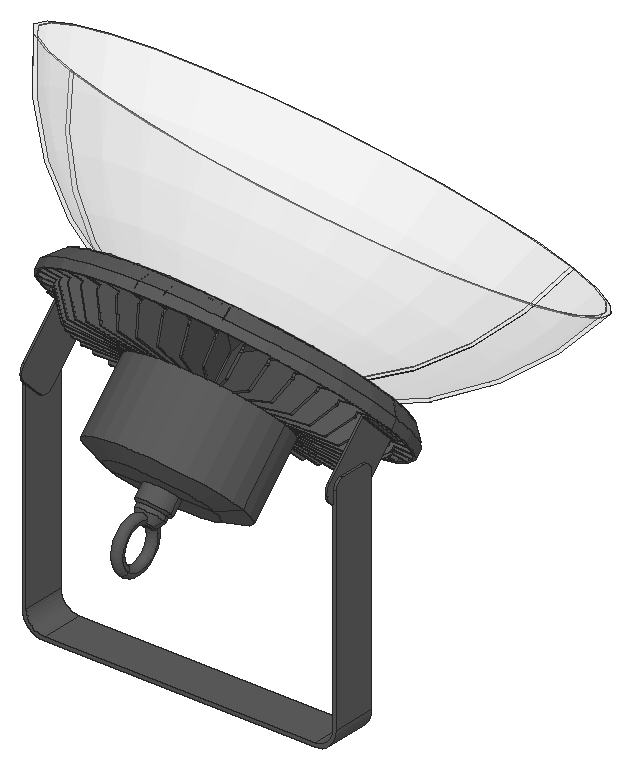
Revit family "0039362+0039353+0039358 Sylvania Lighting Fixture START HighBay IP65 DALI 13000lm 840 MB with BRACKET and PC LAMPSHADE TRANSPARENT 13 19KLM", category Lighting Fixtures, host Face, Revit 2016 (continued)
Definition of nested family "Start LED Highbay DALI Head"
  Nested families
    nested 6: "Start Highbay Rib" at (0, 0, 80.875) x (0.7071, 0.7071, 0) z (0, 0, 1), type "Type Name", detail levels medium+fine
      with SuspensionHeight_FEILO 2.6 mm, WidthStraight_FEILO 4.7 mm, WidthRingChamfer_FEILO 12.9 mm, WidthCurved_FEILO 26.2 mm, WidthCurvedRing_FEILO 4.7 mm, SizeS_FEILO no, Rib4_FEILO 14.6 mm, Rib3_FEILO 20.2 mm, Rib2_FEILO 4.5 mm, Rib1_FEILO 19 mm, RadiusDiffuser_FEILO 120 mm, RHRadius3_FEILO 8.6 mm, RHRadius2_FEILO 14 mm, RHRadius1_FEILO 17.7 mm, RHHeight4_FEILO 9.2 mm, RHHeight3_FEILO 4.6 mm, RHHeight2_FEILO 2.6 mm, RHHeight1_FEILO 17.4 mm, HeightRing_FEILO 36.8 mm, HeightRingChamfer_FEILO 26.6 mm, EyeThickness_FEILO 10.5 mm, EyeThicknessHalf_FEILO 5.25 mm, EyeInner_FEILO 17.3 mm, DriverVerticalStraight_FEILO 57 mm, DriverVerticalChamfer_FEILO 9.5 mm, DriverRadius_FEILO 76.4 mm, DriverRadiusTop_FEILO 52.4 mm, DriverBottom_FEILO 74 mm, Radius_FEILO 169.5 mm
    nested 7: "Start Highbay Rib" at (0, 0, 80.875) x (0.5878, 0.809, 0) z (0, 0, 1), type "Type Name", detail levels medium+fine
      with SuspensionHeight_FEILO 2.6 mm, WidthStraight_FEILO 4.7 mm, WidthRingChamfer_FEILO 12.9 mm, WidthCurved_FEILO 26.2 mm, WidthCurvedRing_FEILO 4.7 mm, SizeS_FEILO no, Rib4_FEILO 14.6 mm, Rib3_FEILO 20.2 mm, Rib2_FEILO 4.5 mm, Rib1_FEILO 19 mm, RadiusDiffuser_FEILO 120 mm, RHRadius3_FEILO 8.6 mm, RHRadius2_FEILO 14 mm, RHRadius1_FEILO 17.7 mm, RHHeight4_FEILO 9.2 mm, RHHeight3_FEILO 4.6 mm, RHHeight2_FEILO 2.6 mm, RHHeight1_FEILO 17.4 mm, HeightRing_FEILO 36.8 mm, HeightRingChamfer_FEILO 26.6 mm, EyeThickness_FEILO 10.5 mm, EyeThicknessHalf_FEILO 5.25 mm, EyeInner_FEILO 17.3 mm, DriverVerticalStraight_FEILO 57 mm, DriverVerticalChamfer_FEILO 9.5 mm, DriverRadius_FEILO 76.4 mm, DriverRadiusTop_FEILO 52.4 mm, DriverBottom_FEILO 74 mm, Radius_FEILO 169.5 mm
    nested 8: "Start Highbay Rib" at (0, 0, 80.875) x (0.454, 0.891, 0) z (0, 0, 1), type "Type Name", detail levels medium+fine
      with SuspensionHeight_FEILO 2.6 mm, WidthStraight_FEILO 4.7 mm, WidthRingChamfer_FEILO 12.9 mm, WidthCurved_FEILO 26.2 mm, WidthCurvedRing_FEILO 4.7 mm, SizeS_FEILO no, Rib4_FEILO 14.6 mm, Rib3_FEILO 20.2 mm, Rib2_FEILO 4.5 mm, Rib1_FEILO 19 mm, RadiusDiffuser_FEILO 120 mm, RHRadius3_FEILO 8.6 mm, RHRadius2_FEILO 14 mm, RHRadius1_FEILO 17.7 mm, RHHeight4_FEILO 9.2 mm, RHHeight3_FEILO 4.6 mm, RHHeight2_FEILO 2.6 mm, RHHeight1_FEILO 17.4 mm, HeightRing_FEILO 36.8 mm, HeightRingChamfer_FEILO 26.6 mm, EyeThickness_FEILO 10.5 mm, EyeThicknessHalf_FEILO 5.25 mm, EyeInner_FEILO 17.3 mm, DriverVerticalStraight_FEILO 57 mm, DriverVerticalChamfer_FEILO 9.5 mm, DriverRadius_FEILO 76.4 mm, DriverRadiusTop_FEILO 52.4 mm, DriverBottom_FEILO 74 mm, Radius_FEILO 169.5 mm
    nested 9: "Start Highbay Rib" at (0, 0, 80.875) x (0.309, 0.9511, 0) z (0, 0, 1), type "Type Name", detail levels medium+fine
      with SuspensionHeight_FEILO 2.6 mm, WidthStraight_FEILO 4.7 mm, WidthRingChamfer_FEILO 12.9 mm, WidthCurved_FEILO 26.2 mm, WidthCurvedRing_FEILO 4.7 mm, SizeS_FEILO no, Rib4_FEILO 14.6 mm, Rib3_FEILO 20.2 mm, Rib2_FEILO 4.5 mm, Rib1_FEILO 19 mm, RadiusDiffuser_FEILO 120 mm, RHRadius3_FEILO 8.6 mm, RHRadius2_FEILO 14 mm, RHRadius1_FEILO 17.7 mm, RHHeight4_FEILO 9.2 mm, RHHeight3_FEILO 4.6 mm, RHHeight2_FEILO 2.6 mm, RHHeight1_FEILO 17.4 mm, HeightRing_FEILO 36.8 mm, HeightRingChamfer_FEILO 26.6 mm, EyeThickness_FEILO 10.5 mm, EyeThicknessHalf_FEILO 5.25 mm, EyeInner_FEILO 17.3 mm, DriverVerticalStraight_FEILO 57 mm, DriverVerticalChamfer_FEILO 9.5 mm, DriverRadius_FEILO 76.4 mm, DriverRadiusTop_FEILO 52.4 mm, DriverBottom_FEILO 74 mm, Radius_FEILO 169.5 mm
    nested 10: "Start Highbay Rib" at (0, 0, 80.875) x (0.1564, 0.9877, 0) z (0, 0, 1), type "Type Name", detail levels medium+fine
      with SuspensionHeight_FEILO 2.6 mm, WidthStraight_FEILO 4.7 mm, WidthRingChamfer_FEILO 12.9 mm, WidthCurved_FEILO 26.2 mm, WidthCurvedRing_FEILO 4.7 mm, SizeS_FEILO no, Rib4_FEILO 14.6 mm, Rib3_FEILO 20.2 mm, Rib2_FEILO 4.5 mm, Rib1_FEILO 19 mm, RadiusDiffuser_FEILO 120 mm, RHRadius3_FEILO 8.6 mm, RHRadius2_FEILO 14 mm, RHRadius1_FEILO 17.7 mm, RHHeight4_FEILO 9.2 mm, RHHeight3_FEILO 4.6 mm, RHHeight2_FEILO 2.6 mm, RHHeight1_FEILO 17.4 mm, HeightRing_FEILO 36.8 mm, HeightRingChamfer_FEILO 26.6 mm, EyeThickness_FEILO 10.5 mm, EyeThicknessHalf_FEILO 5.25 mm, EyeInner_FEILO 17.3 mm, DriverVerticalStraight_FEILO 57 mm, DriverVerticalChamfer_FEILO 9.5 mm, DriverRadius_FEILO 76.4 mm, DriverRadiusTop_FEILO 52.4 mm, DriverBottom_FEILO 74 mm, Radius_FEILO 169.5 mm
    nested 11: "Start Highbay Rib" at (0, 0, 80.875) x (0, 1, 0) z (0, 0, 1), type "Type Name", detail levels medium+fine
      with SuspensionHeight_FEILO 2.6 mm, WidthStraight_FEILO 4.7 mm, WidthRingChamfer_FEILO 12.9 mm, WidthCurved_FEILO 26.2 mm, WidthCurvedRing_FEILO 4.7 mm, SizeS_FEILO no, Rib4_FEILO 14.6 mm, Rib3_FEILO 20.2 mm, Rib2_FEILO 4.5 mm, Rib1_FEILO 19 mm, RadiusDiffuser_FEILO 120 mm, RHRadius3_FEILO 8.6 mm, RHRadius2_FEILO 14 mm, RHRadius1_FEILO 17.7 mm, RHHeight4_FEILO 9.2 mm, RHHeight3_FEILO 4.6 mm, RHHeight2_FEILO 2.6 mm, RHHeight1_FEILO 17.4 mm, HeightRing_FEILO 36.8 mm, HeightRingChamfer_FEILO 26.6 mm, EyeThickness_FEILO 10.5 mm, EyeThicknessHalf_FEILO 5.25 mm, EyeInner_FEILO 17.3 mm, DriverVerticalStraight_FEILO 57 mm, DriverVerticalChamfer_FEILO 9.5 mm, DriverRadius_FEILO 76.4 mm, DriverRadiusTop_FEILO 52.4 mm, DriverBottom_FEILO 74 mm, Radius_FEILO 169.5 mm
    nested 12: "Start Highbay Rib" at (0, 0, 80.875) x (-0.1564, 0.9877, 0) z (0, 0, 1), type "Type Name", detail levels medium+fine
      with SuspensionHeight_FEILO 2.6 mm, WidthStraight_FEILO 4.7 mm, WidthRingChamfer_FEILO 12.9 mm, WidthCurved_FEILO 26.2 mm, WidthCurvedRing_FEILO 4.7 mm, SizeS_FEILO no, Rib4_FEILO 14.6 mm, Rib3_FEILO 20.2 mm, Rib2_FEILO 4.5 mm, Rib1_FEILO 19 mm, RadiusDiffuser_FEILO 120 mm, RHRadius3_FEILO 8.6 mm, RHRadius2_FEILO 14 mm, RHRadius1_FEILO 17.7 mm, RHHeight4_FEILO 9.2 mm, RHHeight3_FEILO 4.6 mm, RHHeight2_FEILO 2.6 mm, RHHeight1_FEILO 17.4 mm, HeightRing_FEILO 36.8 mm, HeightRingChamfer_FEILO 26.6 mm, EyeThickness_FEILO 10.5 mm, EyeThicknessHalf_FEILO 5.25 mm, EyeInner_FEILO 17.3 mm, DriverVerticalStraight_FEILO 57 mm, DriverVerticalChamfer_FEILO 9.5 mm, DriverRadius_FEILO 76.4 mm, DriverRadiusTop_FEILO 52.4 mm, DriverBottom_FEILO 74 mm, Radius_FEILO 169.5 mm
    nested 13: "Start Highbay Rib" at (0, 0, 80.875) x (-0.309, 0.9511, 0) z (0, 0, 1), type "Type Name", detail levels medium+fine
      with SuspensionHeight_FEILO 2.6 mm, WidthStraight_FEILO 4.7 mm, WidthRingChamfer_FEILO 12.9 mm, WidthCurved_FEILO 26.2 mm, WidthCurvedRing_FEILO 4.7 mm, SizeS_FEILO no, Rib4_FEILO 14.6 mm, Rib3_FEILO 20.2 mm, Rib2_FEILO 4.5 mm, Rib1_FEILO 19 mm, RadiusDiffuser_FEILO 120 mm, RHRadius3_FEILO 8.6 mm, RHRadius2_FEILO 14 mm, RHRadius1_FEILO 17.7 mm, RHHeight4_FEILO 9.2 mm, RHHeight3_FEILO 4.6 mm, RHHeight2_FEILO 2.6 mm, RHHeight1_FEILO 17.4 mm, HeightRing_FEILO 36.8 mm, HeightRingChamfer_FEILO 26.6 mm, EyeThickness_FEILO 10.5 mm, EyeThicknessHalf_FEILO 5.25 mm, EyeInner_FEILO 17.3 mm, DriverVerticalStraight_FEILO 57 mm, DriverVerticalChamfer_FEILO 9.5 mm, DriverRadius_FEILO 76.4 mm, DriverRadiusTop_FEILO 52.4 mm, DriverBottom_FEILO 74 mm, Radius_FEILO 169.5 mm
    nested 14: "Start Highbay Rib" at (0, 0, 80.875) x (-0.454, 0.891, 0) z (0, 0, 1), type "Type Name", detail levels medium+fine
      with SuspensionHeight_FEILO 2.6 mm, WidthStraight_FEILO 4.7 mm, WidthRingChamfer_FEILO 12.9 mm, WidthCurved_FEILO 26.2 mm, WidthCurvedRing_FEILO 4.7 mm, SizeS_FEILO no, Rib4_FEILO 14.6 mm, Rib3_FEILO 20.2 mm, Rib2_FEILO 4.5 mm, Rib1_FEILO 19 mm, RadiusDiffuser_FEILO 120 mm, RHRadius3_FEILO 8.6 mm, RHRadius2_FEILO 14 mm, RHRadius1_FEILO 17.7 mm, RHHeight4_FEILO 9.2 mm, RHHeight3_FEILO 4.6 mm, RHHeight2_FEILO 2.6 mm, RHHeight1_FEILO 17.4 mm, HeightRing_FEILO 36.8 mm, HeightRingChamfer_FEILO 26.6 mm, EyeThickness_FEILO 10.5 mm, EyeThicknessHalf_FEILO 5.25 mm, EyeInner_FEILO 17.3 mm, DriverVerticalStraight_FEILO 57 mm, DriverVerticalChamfer_FEILO 9.5 mm, DriverRadius_FEILO 76.4 mm, DriverRadiusTop_FEILO 52.4 mm, DriverBottom_FEILO 74 mm, Radius_FEILO 169.5 mm
    nested 15: "Start Highbay Rib" at (0, 0, 80.875) x (-0.5878, 0.809, 0) z (0, 0, 1), type "Type Name", detail levels medium+fine
      with SuspensionHeight_FEILO 2.6 mm, WidthStraight_FEILO 4.7 mm, WidthRingChamfer_FEILO 12.9 mm, WidthCurved_FEILO 26.2 mm, WidthCurvedRing_FEILO 4.7 mm, SizeS_FEILO no, Rib4_FEILO 14.6 mm, Rib3_FEILO 20.2 mm, Rib2_FEILO 4.5 mm, Rib1_FEILO 19 mm, RadiusDiffuser_FEILO 120 mm, RHRadius3_FEILO 8.6 mm, RHRadius2_FEILO 14 mm, RHRadius1_FEILO 17.7 mm, RHHeight4_FEILO 9.2 mm, RHHeight3_FEILO 4.6 mm, RHHeight2_FEILO 2.6 mm, RHHeight1_FEILO 17.4 mm, HeightRing_FEILO 36.8 mm, HeightRingChamfer_FEILO 26.6 mm, EyeThickness_FEILO 10.5 mm, EyeThicknessHalf_FEILO 5.25 mm, EyeInner_FEILO 17.3 mm, DriverVerticalStraight_FEILO 57 mm, DriverVerticalChamfer_FEILO 9.5 mm, DriverRadius_FEILO 76.4 mm, DriverRadiusTop_FEILO 52.4 mm, DriverBottom_FEILO 74 mm, Radius_FEILO 169.5 mm
    nested 16: "Start Highbay Rib" at (0, 0, 80.875) x (-0.7071, 0.7071, 0) z (0, 0, 1), type "Type Name", detail levels medium+fine
      with SuspensionHeight_FEILO 2.6 mm, WidthStraight_FEILO 4.7 mm, WidthRingChamfer_FEILO 12.9 mm, WidthCurved_FEILO 26.2 mm, WidthCurvedRing_FEILO 4.7 mm, SizeS_FEILO no, Rib4_FEILO 14.6 mm, Rib3_FEILO 20.2 mm, Rib2_FEILO 4.5 mm, Rib1_FEILO 19 mm, RadiusDiffuser_FEILO 120 mm, RHRadius3_FEILO 8.6 mm, RHRadius2_FEILO 14 mm, RHRadius1_FEILO 17.7 mm, RHHeight4_FEILO 9.2 mm, RHHeight3_FEILO 4.6 mm, RHHeight2_FEILO 2.6 mm, RHHeight1_FEILO 17.4 mm, HeightRing_FEILO 36.8 mm, HeightRingChamfer_FEILO 26.6 mm, EyeThickness_FEILO 10.5 mm, EyeThicknessHalf_FEILO 5.25 mm, EyeInner_FEILO 17.3 mm, DriverVerticalStraight_FEILO 57 mm, DriverVerticalChamfer_FEILO 9.5 mm, DriverRadius_FEILO 76.4 mm, DriverRadiusTop_FEILO 52.4 mm, DriverBottom_FEILO 74 mm, Radius_FEILO 169.5 mm
    nested 17: "Start Highbay Rib" at (0, 0, 80.875) x (-0.809, 0.5878, 0) z (0, 0, 1), type "Type Name", detail levels medium+fine
      with SuspensionHeight_FEILO 2.6 mm, WidthStraight_FEILO 4.7 mm, WidthRingChamfer_FEILO 12.9 mm, WidthCurved_FEILO 26.2 mm, WidthCurvedRing_FEILO 4.7 mm, SizeS_FEILO no, Rib4_FEILO 14.6 mm, Rib3_FEILO 20.2 mm, Rib2_FEILO 4.5 mm, Rib1_FEILO 19 mm, RadiusDiffuser_FEILO 120 mm, RHRadius3_FEILO 8.6 mm, RHRadius2_FEILO 14 mm, RHRadius1_FEILO 17.7 mm, RHHeight4_FEILO 9.2 mm, RHHeight3_FEILO 4.6 mm, RHHeight2_FEILO 2.6 mm, RHHeight1_FEILO 17.4 mm, HeightRing_FEILO 36.8 mm, HeightRingChamfer_FEILO 26.6 mm, EyeThickness_FEILO 10.5 mm, EyeThicknessHalf_FEILO 5.25 mm, EyeInner_FEILO 17.3 mm, DriverVerticalStraight_FEILO 57 mm, DriverVerticalChamfer_FEILO 9.5 mm, DriverRadius_FEILO 76.4 mm, DriverRadiusTop_FEILO 52.4 mm, DriverBottom_FEILO 74 mm, Radius_FEILO 169.5 mm
    nested 18: "Start Highbay Rib" at (0, 0, 80.875) x (-0.891, 0.454, 0) z (0, 0, 1), type "Type Name", detail levels medium+fine
      with SuspensionHeight_FEILO 2.6 mm, WidthStraight_FEILO 4.7 mm, WidthRingChamfer_FEILO 12.9 mm, WidthCurved_FEILO 26.2 mm, WidthCurvedRing_FEILO 4.7 mm, SizeS_FEILO no, Rib4_FEILO 14.6 mm, Rib3_FEILO 20.2 mm, Rib2_FEILO 4.5 mm, Rib1_FEILO 19 mm, RadiusDiffuser_FEILO 120 mm, RHRadius3_FEILO 8.6 mm, RHRadius2_FEILO 14 mm, RHRadius1_FEILO 17.7 mm, RHHeight4_FEILO 9.2 mm, RHHeight3_FEILO 4.6 mm, RHHeight2_FEILO 2.6 mm, RHHeight1_FEILO 17.4 mm, HeightRing_FEILO 36.8 mm, HeightRingChamfer_FEILO 26.6 mm, EyeThickness_FEILO 10.5 mm, EyeThicknessHalf_FEILO 5.25 mm, EyeInner_FEILO 17.3 mm, DriverVerticalStraight_FEILO 57 mm, DriverVerticalChamfer_FEILO 9.5 mm, DriverRadius_FEILO 76.4 mm, DriverRadiusTop_FEILO 52.4 mm, DriverBottom_FEILO 74 mm, Radius_FEILO 169.5 mm
    nested 19: "Start Highbay Rib" at (0, 0, 80.875) x (-0.9511, 0.309, 0) z (0, 0, 1), type "Type Name", detail levels medium+fine
      with SuspensionHeight_FEILO 2.6 mm, WidthStraight_FEILO 4.7 mm, WidthRingChamfer_FEILO 12.9 mm, WidthCurved_FEILO 26.2 mm, WidthCurvedRing_FEILO 4.7 mm, SizeS_FEILO no, Rib4_FEILO 14.6 mm, Rib3_FEILO 20.2 mm, Rib2_FEILO 4.5 mm, Rib1_FEILO 19 mm, RadiusDiffuser_FEILO 120 mm, RHRadius3_FEILO 8.6 mm, RHRadius2_FEILO 14 mm, RHRadius1_FEILO 17.7 mm, RHHeight4_FEILO 9.2 mm, RHHeight3_FEILO 4.6 mm, RHHeight2_FEILO 2.6 mm, RHHeight1_FEILO 17.4 mm, HeightRing_FEILO 36.8 mm, HeightRingChamfer_FEILO 26.6 mm, EyeThickness_FEILO 10.5 mm, EyeThicknessHalf_FEILO 5.25 mm, EyeInner_FEILO 17.3 mm, DriverVerticalStraight_FEILO 57 mm, DriverVerticalChamfer_FEILO 9.5 mm, DriverRadius_FEILO 76.4 mm, DriverRadiusTop_FEILO 52.4 mm, DriverBottom_FEILO 74 mm, Radius_FEILO 169.5 mm
    nested 20: "Start Highbay Rib" at (0, 0, 80.875) x (-0.9877, 0.1564, 0) z (0, 0, 1), type "Type Name", detail levels medium+fine
      with SuspensionHeight_FEILO 2.6 mm, WidthStraight_FEILO 4.7 mm, WidthRingChamfer_FEILO 12.9 mm, WidthCurved_FEILO 26.2 mm, WidthCurvedRing_FEILO 4.7 mm, SizeS_FEILO no, Rib4_FEILO 14.6 mm, Rib3_FEILO 20.2 mm, Rib2_FEILO 4.5 mm, Rib1_FEILO 19 mm, RadiusDiffuser_FEILO 120 mm, RHRadius3_FEILO 8.6 mm, RHRadius2_FEILO 14 mm, RHRadius1_FEILO 17.7 mm, RHHeight4_FEILO 9.2 mm, RHHeight3_FEILO 4.6 mm, RHHeight2_FEILO 2.6 mm, RHHeight1_FEILO 17.4 mm, HeightRing_FEILO 36.8 mm, HeightRingChamfer_FEILO 26.6 mm, EyeThickness_FEILO 10.5 mm, EyeThicknessHalf_FEILO 5.25 mm, EyeInner_FEILO 17.3 mm, DriverVerticalStraight_FEILO 57 mm, DriverVerticalChamfer_FEILO 9.5 mm, DriverRadius_FEILO 76.4 mm, DriverRadiusTop_FEILO 52.4 mm, DriverBottom_FEILO 74 mm, Radius_FEILO 169.5 mm
    nested 21: "Start Highbay Rib" at (0, 0, 80.875) x (-1, 0, 0) z (0, 0, 1), type "Type Name", detail levels medium+fine
      with SuspensionHeight_FEILO 2.6 mm, WidthStraight_FEILO 4.7 mm, WidthRingChamfer_FEILO 12.9 mm, WidthCurved_FEILO 26.2 mm, WidthCurvedRing_FEILO 4.7 mm, SizeS_FEILO no, Rib4_FEILO 14.6 mm, Rib3_FEILO 20.2 mm, Rib2_FEILO 4.5 mm, Rib1_FEILO 19 mm, RadiusDiffuser_FEILO 120 mm, RHRadius3_FEILO 8.6 mm, RHRadius2_FEILO 14 mm, RHRadius1_FEILO 17.7 mm, RHHeight4_FEILO 9.2 mm, RHHeight3_FEILO 4.6 mm, RHHeight2_FEILO 2.6 mm, RHHeight1_FEILO 17.4 mm, HeightRing_FEILO 36.8 mm, HeightRingChamfer_FEILO 26.6 mm, EyeThickness_FEILO 10.5 mm, EyeThicknessHalf_FEILO 5.25 mm, EyeInner_FEILO 17.3 mm, DriverVerticalStraight_FEILO 57 mm, DriverVerticalChamfer_FEILO 9.5 mm, DriverRadius_FEILO 76.4 mm, DriverRadiusTop_FEILO 52.4 mm, DriverBottom_FEILO 74 mm, Radius_FEILO 169.5 mm
    nested 22: "Start Highbay Rib" at (0, 0, 80.875) x (-0.9877, -0.1564, 0) z (0, 0, 1), type "Type Name", detail levels medium+fine
      with SuspensionHeight_FEILO 2.6 mm, WidthStraight_FEILO 4.7 mm, WidthRingChamfer_FEILO 12.9 mm, WidthCurved_FEILO 26.2 mm, WidthCurvedRing_FEILO 4.7 mm, SizeS_FEILO no, Rib4_FEILO 14.6 mm, Rib3_FEILO 20.2 mm, Rib2_FEILO 4.5 mm, Rib1_FEILO 19 mm, RadiusDiffuser_FEILO 120 mm, RHRadius3_FEILO 8.6 mm, RHRadius2_FEILO 14 mm, RHRadius1_FEILO 17.7 mm, RHHeight4_FEILO 9.2 mm, RHHeight3_FEILO 4.6 mm, RHHeight2_FEILO 2.6 mm, RHHeight1_FEILO 17.4 mm, HeightRing_FEILO 36.8 mm, HeightRingChamfer_FEILO 26.6 mm, EyeThickness_FEILO 10.5 mm, EyeThicknessHalf_FEILO 5.25 mm, EyeInner_FEILO 17.3 mm, DriverVerticalStraight_FEILO 57 mm, DriverVerticalChamfer_FEILO 9.5 mm, DriverRadius_FEILO 76.4 mm, DriverRadiusTop_FEILO 52.4 mm, DriverBottom_FEILO 74 mm, Radius_FEILO 169.5 mm
    nested 23: "Start Highbay Rib" at (0, 0, 80.875) x (-0.9511, -0.309, 0) z (0, 0, 1), type "Type Name", detail levels medium+fine
      with SuspensionHeight_FEILO 2.6 mm, WidthStraight_FEILO 4.7 mm, WidthRingChamfer_FEILO 12.9 mm, WidthCurved_FEILO 26.2 mm, WidthCurvedRing_FEILO 4.7 mm, SizeS_FEILO no, Rib4_FEILO 14.6 mm, Rib3_FEILO 20.2 mm, Rib2_FEILO 4.5 mm, Rib1_FEILO 19 mm, RadiusDiffuser_FEILO 120 mm, RHRadius3_FEILO 8.6 mm, RHRadius2_FEILO 14 mm, RHRadius1_FEILO 17.7 mm, RHHeight4_FEILO 9.2 mm, RHHeight3_FEILO 4.6 mm, RHHeight2_FEILO 2.6 mm, RHHeight1_FEILO 17.4 mm, HeightRing_FEILO 36.8 mm, HeightRingChamfer_FEILO 26.6 mm, EyeThickness_FEILO 10.5 mm, EyeThicknessHalf_FEILO 5.25 mm, EyeInner_FEILO 17.3 mm, DriverVerticalStraight_FEILO 57 mm, DriverVerticalChamfer_FEILO 9.5 mm, DriverRadius_FEILO 76.4 mm, DriverRadiusTop_FEILO 52.4 mm, DriverBottom_FEILO 74 mm, Radius_FEILO 169.5 mm
    nested 24: "Start Highbay Rib" at (0, 0, 80.875) x (-0.891, -0.454, 0) z (0, 0, 1), type "Type Name", detail levels medium+fine
      with SuspensionHeight_FEILO 2.6 mm, WidthStraight_FEILO 4.7 mm, WidthRingChamfer_FEILO 12.9 mm, WidthCurved_FEILO 26.2 mm, WidthCurvedRing_FEILO 4.7 mm, SizeS_FEILO no, Rib4_FEILO 14.6 mm, Rib3_FEILO 20.2 mm, Rib2_FEILO 4.5 mm, Rib1_FEILO 19 mm, RadiusDiffuser_FEILO 120 mm, RHRadius3_FEILO 8.6 mm, RHRadius2_FEILO 14 mm, RHRadius1_FEILO 17.7 mm, RHHeight4_FEILO 9.2 mm, RHHeight3_FEILO 4.6 mm, RHHeight2_FEILO 2.6 mm, RHHeight1_FEILO 17.4 mm, HeightRing_FEILO 36.8 mm, HeightRingChamfer_FEILO 26.6 mm, EyeThickness_FEILO 10.5 mm, EyeThicknessHalf_FEILO 5.25 mm, EyeInner_FEILO 17.3 mm, DriverVerticalStraight_FEILO 57 mm, DriverVerticalChamfer_FEILO 9.5 mm, DriverRadius_FEILO 76.4 mm, DriverRadiusTop_FEILO 52.4 mm, DriverBottom_FEILO 74 mm, Radius_FEILO 169.5 mm
    nested 25: "Start Highbay Rib" at (0, 0, 80.875) x (-0.809, -0.5878, 0) z (0, 0, 1), type "Type Name", detail levels medium+fine
      with SuspensionHeight_FEILO 2.6 mm, WidthStraight_FEILO 4.7 mm, WidthRingChamfer_FEILO 12.9 mm, WidthCurved_FEILO 26.2 mm, WidthCurvedRing_FEILO 4.7 mm, SizeS_FEILO no, Rib4_FEILO 14.6 mm, Rib3_FEILO 20.2 mm, Rib2_FEILO 4.5 mm, Rib1_FEILO 19 mm, RadiusDiffuser_FEILO 120 mm, RHRadius3_FEILO 8.6 mm, RHRadius2_FEILO 14 mm, RHRadius1_FEILO 17.7 mm, RHHeight4_FEILO 9.2 mm, RHHeight3_FEILO 4.6 mm, RHHeight2_FEILO 2.6 mm, RHHeight1_FEILO 17.4 mm, HeightRing_FEILO 36.8 mm, HeightRingChamfer_FEILO 26.6 mm, EyeThickness_FEILO 10.5 mm, EyeThicknessHalf_FEILO 5.25 mm, EyeInner_FEILO 17.3 mm, DriverVerticalStraight_FEILO 57 mm, DriverVerticalChamfer_FEILO 9.5 mm, DriverRadius_FEILO 76.4 mm, DriverRadiusTop_FEILO 52.4 mm, DriverBottom_FEILO 74 mm, Radius_FEILO 169.5 mm
    nested 26: "Start Highbay Rib" at (0, 0, 80.875) x (-0.7071, -0.7071, 0) z (0, 0, 1), type "Type Name", detail levels medium+fine
      with SuspensionHeight_FEILO 2.6 mm, WidthStraight_FEILO 4.7 mm, WidthRingChamfer_FEILO 12.9 mm, WidthCurved_FEILO 26.2 mm, WidthCurvedRing_FEILO 4.7 mm, SizeS_FEILO no, Rib4_FEILO 14.6 mm, Rib3_FEILO 20.2 mm, Rib2_FEILO 4.5 mm, Rib1_FEILO 19 mm, RadiusDiffuser_FEILO 120 mm, RHRadius3_FEILO 8.6 mm, RHRadius2_FEILO 14 mm, RHRadius1_FEILO 17.7 mm, RHHeight4_FEILO 9.2 mm, RHHeight3_FEILO 4.6 mm, RHHeight2_FEILO 2.6 mm, RHHeight1_FEILO 17.4 mm, HeightRing_FEILO 36.8 mm, HeightRingChamfer_FEILO 26.6 mm, EyeThickness_FEILO 10.5 mm, EyeThicknessHalf_FEILO 5.25 mm, EyeInner_FEILO 17.3 mm, DriverVerticalStraight_FEILO 57 mm, DriverVerticalChamfer_FEILO 9.5 mm, DriverRadius_FEILO 76.4 mm, DriverRadiusTop_FEILO 52.4 mm, DriverBottom_FEILO 74 mm, Radius_FEILO 169.5 mm
    nested 27: "Start Highbay Rib" at (0, 0, 80.875) x (-0.5878, -0.809, 0) z (0, 0, 1), type "Type Name", detail levels medium+fine
      with SuspensionHeight_FEILO 2.6 mm, WidthStraight_FEILO 4.7 mm, WidthRingChamfer_FEILO 12.9 mm, WidthCurved_FEILO 26.2 mm, WidthCurvedRing_FEILO 4.7 mm, SizeS_FEILO no, Rib4_FEILO 14.6 mm, Rib3_FEILO 20.2 mm, Rib2_FEILO 4.5 mm, Rib1_FEILO 19 mm, RadiusDiffuser_FEILO 120 mm, RHRadius3_FEILO 8.6 mm, RHRadius2_FEILO 14 mm, RHRadius1_FEILO 17.7 mm, RHHeight4_FEILO 9.2 mm, RHHeight3_FEILO 4.6 mm, RHHeight2_FEILO 2.6 mm, RHHeight1_FEILO 17.4 mm, HeightRing_FEILO 36.8 mm, HeightRingChamfer_FEILO 26.6 mm, EyeThickness_FEILO 10.5 mm, EyeThicknessHalf_FEILO 5.25 mm, EyeInner_FEILO 17.3 mm, DriverVerticalStraight_FEILO 57 mm, DriverVerticalChamfer_FEILO 9.5 mm, DriverRadius_FEILO 76.4 mm, DriverRadiusTop_FEILO 52.4 mm, DriverBottom_FEILO 74 mm, Radius_FEILO 169.5 mm
    nested 28: "Start Highbay Rib" at (0, 0, 80.875) x (-0.454, -0.891, 0) z (0, 0, 1), type "Type Name", detail levels medium+fine
      with SuspensionHeight_FEILO 2.6 mm, WidthStraight_FEILO 4.7 mm, WidthRingChamfer_FEILO 12.9 mm, WidthCurved_FEILO 26.2 mm, WidthCurvedRing_FEILO 4.7 mm, SizeS_FEILO no, Rib4_FEILO 14.6 mm, Rib3_FEILO 20.2 mm, Rib2_FEILO 4.5 mm, Rib1_FEILO 19 mm, RadiusDiffuser_FEILO 120 mm, RHRadius3_FEILO 8.6 mm, RHRadius2_FEILO 14 mm, RHRadius1_FEILO 17.7 mm, RHHeight4_FEILO 9.2 mm, RHHeight3_FEILO 4.6 mm, RHHeight2_FEILO 2.6 mm, RHHeight1_FEILO 17.4 mm, HeightRing_FEILO 36.8 mm, HeightRingChamfer_FEILO 26.6 mm, EyeThickness_FEILO 10.5 mm, EyeThicknessHalf_FEILO 5.25 mm, EyeInner_FEILO 17.3 mm, DriverVerticalStraight_FEILO 57 mm, DriverVerticalChamfer_FEILO 9.5 mm, DriverRadius_FEILO 76.4 mm, DriverRadiusTop_FEILO 52.4 mm, DriverBottom_FEILO 74 mm, Radius_FEILO 169.5 mm
    nested 29: "Start Highbay Rib" at (0, 0, 80.875) x (-0.309, -0.9511, 0) z (0, 0, 1), type "Type Name", detail levels medium+fine
      with SuspensionHeight_FEILO 2.6 mm, WidthStraight_FEILO 4.7 mm, WidthRingChamfer_FEILO 12.9 mm, WidthCurved_FEILO 26.2 mm, WidthCurvedRing_FEILO 4.7 mm, SizeS_FEILO no, Rib4_FEILO 14.6 mm, Rib3_FEILO 20.2 mm, Rib2_FEILO 4.5 mm, Rib1_FEILO 19 mm, RadiusDiffuser_FEILO 120 mm, RHRadius3_FEILO 8.6 mm, RHRadius2_FEILO 14 mm, RHRadius1_FEILO 17.7 mm, RHHeight4_FEILO 9.2 mm, RHHeight3_FEILO 4.6 mm, RHHeight2_FEILO 2.6 mm, RHHeight1_FEILO 17.4 mm, HeightRing_FEILO 36.8 mm, HeightRingChamfer_FEILO 26.6 mm, EyeThickness_FEILO 10.5 mm, EyeThicknessHalf_FEILO 5.25 mm, EyeInner_FEILO 17.3 mm, DriverVerticalStraight_FEILO 57 mm, DriverVerticalChamfer_FEILO 9.5 mm, DriverRadius_FEILO 76.4 mm, DriverRadiusTop_FEILO 52.4 mm, DriverBottom_FEILO 74 mm, Radius_FEILO 169.5 mm
    nested 30: "Start Highbay Rib" at (0, 0, 80.875) x (-0.1564, -0.9877, 0) z (0, 0, 1), type "Type Name", detail levels medium+fine
      with SuspensionHeight_FEILO 2.6 mm, WidthStraight_FEILO 4.7 mm, WidthRingChamfer_FEILO 12.9 mm, WidthCurved_FEILO 26.2 mm, WidthCurvedRing_FEILO 4.7 mm, SizeS_FEILO no, Rib4_FEILO 14.6 mm, Rib3_FEILO 20.2 mm, Rib2_FEILO 4.5 mm, Rib1_FEILO 19 mm, RadiusDiffuser_FEILO 120 mm, RHRadius3_FEILO 8.6 mm, RHRadius2_FEILO 14 mm, RHRadius1_FEILO 17.7 mm, RHHeight4_FEILO 9.2 mm, RHHeight3_FEILO 4.6 mm, RHHeight2_FEILO 2.6 mm, RHHeight1_FEILO 17.4 mm, HeightRing_FEILO 36.8 mm, HeightRingChamfer_FEILO 26.6 mm, EyeThickness_FEILO 10.5 mm, EyeThicknessHalf_FEILO 5.25 mm, EyeInner_FEILO 17.3 mm, DriverVerticalStraight_FEILO 57 mm, DriverVerticalChamfer_FEILO 9.5 mm, DriverRadius_FEILO 76.4 mm, DriverRadiusTop_FEILO 52.4 mm, DriverBottom_FEILO 74 mm, Radius_FEILO 169.5 mm
    nested 31: "Start Highbay Rib" at (0, 0, 80.875) x (0, -1, 0) z (0, 0, 1), type "Type Name", detail levels medium+fine
      with SuspensionHeight_FEILO 2.6 mm, WidthStraight_FEILO 4.7 mm, WidthRingChamfer_FEILO 12.9 mm, WidthCurved_FEILO 26.2 mm, WidthCurvedRing_FEILO 4.7 mm, SizeS_FEILO no, Rib4_FEILO 14.6 mm, Rib3_FEILO 20.2 mm, Rib2_FEILO 4.5 mm, Rib1_FEILO 19 mm, RadiusDiffuser_FEILO 120 mm, RHRadius3_FEILO 8.6 mm, RHRadius2_FEILO 14 mm, RHRadius1_FEILO 17.7 mm, RHHeight4_FEILO 9.2 mm, RHHeight3_FEILO 4.6 mm, RHHeight2_FEILO 2.6 mm, RHHeight1_FEILO 17.4 mm, HeightRing_FEILO 36.8 mm, HeightRingChamfer_FEILO 26.6 mm, EyeThickness_FEILO 10.5 mm, EyeThicknessHalf_FEILO 5.25 mm, EyeInner_FEILO 17.3 mm, DriverVerticalStraight_FEILO 57 mm, DriverVerticalChamfer_FEILO 9.5 mm, DriverRadius_FEILO 76.4 mm, DriverRadiusTop_FEILO 52.4 mm, DriverBottom_FEILO 74 mm, Radius_FEILO 169.5 mm
    nested 32: "Start Highbay Rib" at (0, 0, 80.875) x (0.1564, -0.9877, 0) z (0, 0, 1), type "Type Name", detail levels medium+fine
      with SuspensionHeight_FEILO 2.6 mm, WidthStraight_FEILO 4.7 mm, WidthRingChamfer_FEILO 12.9 mm, WidthCurved_FEILO 26.2 mm, WidthCurvedRing_FEILO 4.7 mm, SizeS_FEILO no, Rib4_FEILO 14.6 mm, Rib3_FEILO 20.2 mm, Rib2_FEILO 4.5 mm, Rib1_FEILO 19 mm, RadiusDiffuser_FEILO 120 mm, RHRadius3_FEILO 8.6 mm, RHRadius2_FEILO 14 mm, RHRadius1_FEILO 17.7 mm, RHHeight4_FEILO 9.2 mm, RHHeight3_FEILO 4.6 mm, RHHeight2_FEILO 2.6 mm, RHHeight1_FEILO 17.4 mm, HeightRing_FEILO 36.8 mm, HeightRingChamfer_FEILO 26.6 mm, EyeThickness_FEILO 10.5 mm, EyeThicknessHalf_FEILO 5.25 mm, EyeInner_FEILO 17.3 mm, DriverVerticalStraight_FEILO 57 mm, DriverVerticalChamfer_FEILO 9.5 mm, DriverRadius_FEILO 76.4 mm, DriverRadiusTop_FEILO 52.4 mm, DriverBottom_FEILO 74 mm, Radius_FEILO 169.5 mm
    nested 33: "Start Highbay Rib" at (0, 0, 80.875) x (0.309, -0.9511, 0) z (0, 0, 1), type "Type Name", detail levels medium+fine
      with SuspensionHeight_FEILO 2.6 mm, WidthStraight_FEILO 4.7 mm, WidthRingChamfer_FEILO 12.9 mm, WidthCurved_FEILO 26.2 mm, WidthCurvedRing_FEILO 4.7 mm, SizeS_FEILO no, Rib4_FEILO 14.6 mm, Rib3_FEILO 20.2 mm, Rib2_FEILO 4.5 mm, Rib1_FEILO 19 mm, RadiusDiffuser_FEILO 120 mm, RHRadius3_FEILO 8.6 mm, RHRadius2_FEILO 14 mm, RHRadius1_FEILO 17.7 mm, RHHeight4_FEILO 9.2 mm, RHHeight3_FEILO 4.6 mm, RHHeight2_FEILO 2.6 mm, RHHeight1_FEILO 17.4 mm, HeightRing_FEILO 36.8 mm, HeightRingChamfer_FEILO 26.6 mm, EyeThickness_FEILO 10.5 mm, EyeThicknessHalf_FEILO 5.25 mm, EyeInner_FEILO 17.3 mm, DriverVerticalStraight_FEILO 57 mm, DriverVerticalChamfer_FEILO 9.5 mm, DriverRadius_FEILO 76.4 mm, DriverRadiusTop_FEILO 52.4 mm, DriverBottom_FEILO 74 mm, Radius_FEILO 169.5 mm
    nested 34: "Start Highbay Rib" at (0, 0, 80.875) x (0.454, -0.891, 0) z (0, 0, 1), type "Type Name", detail levels medium+fine
      with SuspensionHeight_FEILO 2.6 mm, WidthStraight_FEILO 4.7 mm, WidthRingChamfer_FEILO 12.9 mm, WidthCurved_FEILO 26.2 mm, WidthCurvedRing_FEILO 4.7 mm, SizeS_FEILO no, Rib4_FEILO 14.6 mm, Rib3_FEILO 20.2 mm, Rib2_FEILO 4.5 mm, Rib1_FEILO 19 mm, RadiusDiffuser_FEILO 120 mm, RHRadius3_FEILO 8.6 mm, RHRadius2_FEILO 14 mm, RHRadius1_FEILO 17.7 mm, RHHeight4_FEILO 9.2 mm, RHHeight3_FEILO 4.6 mm, RHHeight2_FEILO 2.6 mm, RHHeight1_FEILO 17.4 mm, HeightRing_FEILO 36.8 mm, HeightRingChamfer_FEILO 26.6 mm, EyeThickness_FEILO 10.5 mm, EyeThicknessHalf_FEILO 5.25 mm, EyeInner_FEILO 17.3 mm, DriverVerticalStraight_FEILO 57 mm, DriverVerticalChamfer_FEILO 9.5 mm, DriverRadius_FEILO 76.4 mm, DriverRadiusTop_FEILO 52.4 mm, DriverBottom_FEILO 74 mm, Radius_FEILO 169.5 mm
    nested 35: "Start Highbay Rib" at (0, 0, 80.875) x (0.5878, -0.809, 0) z (0, 0, 1), type "Type Name", detail levels medium+fine
      with SuspensionHeight_FEILO 2.6 mm, WidthStraight_FEILO 4.7 mm, WidthRingChamfer_FEILO 12.9 mm, WidthCurved_FEILO 26.2 mm, WidthCurvedRing_FEILO 4.7 mm, SizeS_FEILO no, Rib4_FEILO 14.6 mm, Rib3_FEILO 20.2 mm, Rib2_FEILO 4.5 mm, Rib1_FEILO 19 mm, RadiusDiffuser_FEILO 120 mm, RHRadius3_FEILO 8.6 mm, RHRadius2_FEILO 14 mm, RHRadius1_FEILO 17.7 mm, RHHeight4_FEILO 9.2 mm, RHHeight3_FEILO 4.6 mm, RHHeight2_FEILO 2.6 mm, RHHeight1_FEILO 17.4 mm, HeightRing_FEILO 36.8 mm, HeightRingChamfer_FEILO 26.6 mm, EyeThickness_FEILO 10.5 mm, EyeThicknessHalf_FEILO 5.25 mm, EyeInner_FEILO 17.3 mm, DriverVerticalStraight_FEILO 57 mm, DriverVerticalChamfer_FEILO 9.5 mm, DriverRadius_FEILO 76.4 mm, DriverRadiusTop_FEILO 52.4 mm, DriverBottom_FEILO 74 mm, Radius_FEILO 169.5 mm
    nested 36: "Start Highbay Rib" at (0, 0, 80.875) x (0.7071, -0.7071, 0) z (0, 0, 1), type "Type Name", detail levels medium+fine
      with SuspensionHeight_FEILO 2.6 mm, WidthStraight_FEILO 4.7 mm, WidthRingChamfer_FEILO 12.9 mm, WidthCurved_FEILO 26.2 mm, WidthCurvedRing_FEILO 4.7 mm, SizeS_FEILO no, Rib4_FEILO 14.6 mm, Rib3_FEILO 20.2 mm, Rib2_FEILO 4.5 mm, Rib1_FEILO 19 mm, RadiusDiffuser_FEILO 120 mm, RHRadius3_FEILO 8.6 mm, RHRadius2_FEILO 14 mm, RHRadius1_FEILO 17.7 mm, RHHeight4_FEILO 9.2 mm, RHHeight3_FEILO 4.6 mm, RHHeight2_FEILO 2.6 mm, RHHeight1_FEILO 17.4 mm, HeightRing_FEILO 36.8 mm, HeightRingChamfer_FEILO 26.6 mm, EyeThickness_FEILO 10.5 mm, EyeThicknessHalf_FEILO 5.25 mm, EyeInner_FEILO 17.3 mm, DriverVerticalStraight_FEILO 57 mm, DriverVerticalChamfer_FEILO 9.5 mm, DriverRadius_FEILO 76.4 mm, DriverRadiusTop_FEILO 52.4 mm, DriverBottom_FEILO 74 mm, Radius_FEILO 169.5 mm
    nested 37: "Start Highbay Rib" at (0, 0, 80.875) x (0.809, -0.5878, 0) z (0, 0, 1), type "Type Name", detail levels medium+fine
      with SuspensionHeight_FEILO 2.6 mm, WidthStraight_FEILO 4.7 mm, WidthRingChamfer_FEILO 12.9 mm, WidthCurved_FEILO 26.2 mm, WidthCurvedRing_FEILO 4.7 mm, SizeS_FEILO no, Rib4_FEILO 14.6 mm, Rib3_FEILO 20.2 mm, Rib2_FEILO 4.5 mm, Rib1_FEILO 19 mm, RadiusDiffuser_FEILO 120 mm, RHRadius3_FEILO 8.6 mm, RHRadius2_FEILO 14 mm, RHRadius1_FEILO 17.7 mm, RHHeight4_FEILO 9.2 mm, RHHeight3_FEILO 4.6 mm, RHHeight2_FEILO 2.6 mm, RHHeight1_FEILO 17.4 mm, HeightRing_FEILO 36.8 mm, HeightRingChamfer_FEILO 26.6 mm, EyeThickness_FEILO 10.5 mm, EyeThicknessHalf_FEILO 5.25 mm, EyeInner_FEILO 17.3 mm, DriverVerticalStraight_FEILO 57 mm, DriverVerticalChamfer_FEILO 9.5 mm, DriverRadius_FEILO 76.4 mm, DriverRadiusTop_FEILO 52.4 mm, DriverBottom_FEILO 74 mm, Radius_FEILO 169.5 mm
    nested 38: "Start Highbay Rib" at (0, 0, 80.875) x (0.891, -0.454, 0) z (0, 0, 1), type "Type Name", detail levels medium+fine
      with SuspensionHeight_FEILO 2.6 mm, WidthStraight_FEILO 4.7 mm, WidthRingChamfer_FEILO 12.9 mm, WidthCurved_FEILO 26.2 mm, WidthCurvedRing_FEILO 4.7 mm, SizeS_FEILO no, Rib4_FEILO 14.6 mm, Rib3_FEILO 20.2 mm, Rib2_FEILO 4.5 mm, Rib1_FEILO 19 mm, RadiusDiffuser_FEILO 120 mm, RHRadius3_FEILO 8.6 mm, RHRadius2_FEILO 14 mm, RHRadius1_FEILO 17.7 mm, RHHeight4_FEILO 9.2 mm, RHHeight3_FEILO 4.6 mm, RHHeight2_FEILO 2.6 mm, RHHeight1_FEILO 17.4 mm, HeightRing_FEILO 36.8 mm, HeightRingChamfer_FEILO 26.6 mm, EyeThickness_FEILO 10.5 mm, EyeThicknessHalf_FEILO 5.25 mm, EyeInner_FEILO 17.3 mm, DriverVerticalStraight_FEILO 57 mm, DriverVerticalChamfer_FEILO 9.5 mm, DriverRadius_FEILO 76.4 mm, DriverRadiusTop_FEILO 52.4 mm, DriverBottom_FEILO 74 mm, Radius_FEILO 169.5 mm
    nested 39: "Start Highbay Rib" at (0, 0, 80.875) x (0.9511, -0.309, 0) z (0, 0, 1), type "Type Name", detail levels medium+fine
      with SuspensionHeight_FEILO 2.6 mm, WidthStraight_FEILO 4.7 mm, WidthRingChamfer_FEILO 12.9 mm, WidthCurved_FEILO 26.2 mm, WidthCurvedRing_FEILO 4.7 mm, SizeS_FEILO no, Rib4_FEILO 14.6 mm, Rib3_FEILO 20.2 mm, Rib2_FEILO 4.5 mm, Rib1_FEILO 19 mm, RadiusDiffuser_FEILO 120 mm, RHRadius3_FEILO 8.6 mm, RHRadius2_FEILO 14 mm, RHRadius1_FEILO 17.7 mm, RHHeight4_FEILO 9.2 mm, RHHeight3_FEILO 4.6 mm, RHHeight2_FEILO 2.6 mm, RHHeight1_FEILO 17.4 mm, HeightRing_FEILO 36.8 mm, HeightRingChamfer_FEILO 26.6 mm, EyeThickness_FEILO 10.5 mm, EyeThicknessHalf_FEILO 5.25 mm, EyeInner_FEILO 17.3 mm, DriverVerticalStraight_FEILO 57 mm, DriverVerticalChamfer_FEILO 9.5 mm, DriverRadius_FEILO 76.4 mm, DriverRadiusTop_FEILO 52.4 mm, DriverBottom_FEILO 74 mm, Radius_FEILO 169.5 mm
    nested 40: "Start Highbay Rib" at (0, 0, 80.875) x (0.9877, -0.1564, 0) z (0, 0, 1), type "Type Name", detail levels medium+fine
      with SuspensionHeight_FEILO 2.6 mm, WidthStraight_FEILO 4.7 mm, WidthRingChamfer_FEILO 12.9 mm, WidthCurved_FEILO 26.2 mm, WidthCurvedRing_FEILO 4.7 mm, SizeS_FEILO no, Rib4_FEILO 14.6 mm, Rib3_FEILO 20.2 mm, Rib2_FEILO 4.5 mm, Rib1_FEILO 19 mm, RadiusDiffuser_FEILO 120 mm, RHRadius3_FEILO 8.6 mm, RHRadius2_FEILO 14 mm, RHRadius1_FEILO 17.7 mm, RHHeight4_FEILO 9.2 mm, RHHeight3_FEILO 4.6 mm, RHHeight2_FEILO 2.6 mm, RHHeight1_FEILO 17.4 mm, HeightRing_FEILO 36.8 mm, HeightRingChamfer_FEILO 26.6 mm, EyeThickness_FEILO 10.5 mm, EyeThicknessHalf_FEILO 5.25 mm, EyeInner_FEILO 17.3 mm, DriverVerticalStraight_FEILO 57 mm, DriverVerticalChamfer_FEILO 9.5 mm, DriverRadius_FEILO 76.4 mm, DriverRadiusTop_FEILO 52.4 mm, DriverBottom_FEILO 74 mm, Radius_FEILO 169.5 mm
  Definition of nested family "Start Highbay Rib"
    Parameters (values of type "Type Name")
      WidthStraight_FEILO = if(SizeS_FEILO, 3 mm, if(SizeM_FEILO, 4 mm, 4.7 mm))  # 3 mm
      WidthRingChamfer_FEILO = if(SizeS_FEILO, 10.3 mm, if(SizeM_FEILO, 11.2 mm, 12.9 mm))  # 10.3 mm
      WidthCurved_FEILO = if(SizeS_FEILO, 17.4 mm, if(SizeM_FEILO, 16.4 mm, 26.2 mm))  # 17.4 mm
      WidthCurvedRing_FEILO = if(SizeS_FEILO, 3 mm, if(SizeM_FEILO, 4 mm, 4.7 mm))  # 3 mm
      WidthBracket_FEILO = 40 mm
      URL = "http://www.feilosylvania.com"
      Type Image = (empty or 0)
      Type Comments = "n/a"
      ThicknessWall_FEILO = 1.5 mm
      ThicknessBracket_FEILO = 1.5 mm
      ThicknessBracketHalf_FEILO = ThicknessBracket_FEILO / 2  # 0.75 mm
      SuspensionHeight_FEILO [instance] = 2.6 mm
      SizeS_FEILO = yes
      SizeM_FEILO = no
      Rib4_FEILO = if(SizeS_FEILO, 18.1 mm, if(SizeM_FEILO, 13.6 mm, 14.6 mm))  # 18.1 mm
      Rib3_FEILO = if(SizeS_FEILO, 15.3 mm, if(SizeM_FEILO, 17.6 mm, 20.2 mm))  # 15.3 mm
      Rib2_FEILO = if(SizeS_FEILO, 3.6 mm, if(SizeM_FEILO, 3.9 mm, 4.5 mm))  # 3.6 mm
      Rib1_FEILO = if(SizeS_FEILO, 15.1 mm, if(SizeM_FEILO, 16.5 mm, 19 mm))  # 15.1 mm
      RadiusRib_FEILO = 2 mm
      RadiusDiffuser_FEILO = if(SizeS_FEILO, 95.2 mm, if(SizeM_FEILO, 105.3 mm, 120 mm))  # 95.2 mm
      RHRadius3_FEILO = if(SizeS_FEILO, 6.6 mm, if(SizeM_FEILO, 7.4 mm, 8.6 mm))  # 6.6 mm
      RHRadius2_FEILO = if(SizeS_FEILO, 11 mm, if(SizeM_FEILO, 12 mm, 14 mm))  # 11 mm
      RHRadius1_FEILO = if(SizeS_FEILO, 13.6 mm, if(SizeM_FEILO, 14.9 mm, 17.7 mm))  # 13.6 mm
      RHHeight4_FEILO = if(SizeS_FEILO, 7.3 mm, if(SizeM_FEILO, 8 mm, 9.2 mm))  # 7.3 mm
      RHHeight3_FEILO = if(SizeS_FEILO, 3.6 mm, if(SizeM_FEILO, 3.7 mm, 4.6 mm))  # 3.6 mm
      RHHeight2_FEILO = if(SizeS_FEILO, 2 mm, if(SizeM_FEILO, 2.2 mm, 2.6 mm))  # 2 mm
      RHHeight1_FEILO = if(SizeS_FEILO, 11.8 mm, if(SizeM_FEILO, 15.3 mm, 17.4 mm))  # 11.8 mm
      Material_3_FEILO = none
      Model = ""
      Manufacturer = "Feilo Sylvania"
      Keynote = "16500"
      HeightRing_FEILO = if(SizeS_FEILO, 19.8 mm, if(SizeM_FEILO, 32 mm, 36.8 mm))  # 19.8 mm
      HeightRingChamfer_FEILO = if(SizeS_FEILO, 11.7 mm, if(SizeM_FEILO, 23.2 mm, 26.6 mm))  # 11.7 mm
      EyeThickness_FEILO = if(SizeS_FEILO, 8.4 mm, if(SizeM_FEILO, 9.2 mm, 10.5 mm))  # 8.4 mm
      EyeThicknessHalf_FEILO = EyeThickness_FEILO / 2  # 4.2 mm
      EyeInner_FEILO = if(SizeS_FEILO, 13.8 mm, if(SizeM_FEILO, 15.1 mm, 17.3 mm))  # 13.8 mm
      DriverVerticalStraight_FEILO = if(SizeS_FEILO, 46.5 mm, if(SizeM_FEILO, 49.7 mm, 57 mm))  # 46.5 mm
      DriverVerticalChamfer_FEILO = if(SizeS_FEILO, 7.5 mm, if(SizeM_FEILO, 8.2 mm, 9.5 mm))  # 7.5 mm
      DriverRadius_FEILO = if(SizeS_FEILO, 61.4 mm, if(SizeM_FEILO, 67.2 mm, 76.4 mm))  # 61.4 mm
      DriverRadiusTop_FEILO = if(SizeS_FEILO, 42 mm, if(SizeM_FEILO, 45.3 mm, 52.4 mm))  # 42 mm
      DriverBottom_FEILO = if(SizeS_FEILO, 56 mm, if(SizeM_FEILO, 64.5 mm, 74 mm))  # 56 mm
      Material_2_FEILO = none
      Radius_FEILO = if(SizeS_FEILO, 135 mm, if(SizeM_FEILO, 148 mm, 169.5 mm))  # 135 mm
      Description = ""
      Default Elevation = 1219.2 mm
      Cost = 0
      Material_1_FEILO = none
      Assembly Code = "D5020200"
      Material_4_FEILO = none
    Reference planes
      plane 1 "Center (Front/Back)": y = 0
      plane 2: z = 0
      plane 3 "Center (Left/Right)": x = 0
      plane 4: z = 2.6
      plane 5: x = -135
      plane 6: x = -124.7
      plane 7: z = -9.1
      plane 8: z = -17.2
      plane 9: x = -121.7
      plane 10: z = -0.025
      plane 11: x = -104.3
      plane 12: x = -95.2
      plane 13: x = -118.7
      plane 14: z = 0.975
      plane 15: z = -1.025
      plane 16: x = -92.2
      plane 17: z = -2.025
      plane 18: x = -133.5
      plane 19: x = -119.9
      plane 20: z = -20.8
      plane 21: x = -104.6
      plane 22: z = -38.9
      plane 23: x = -20
      plane 24: z = -53.4
      plane 25: x = -61.4
      plane 26: z = -99.9
      plane 27: x = -42
      plane 28: z = -107.4
      plane 29: x = -13.6
      plane 30: z = -119.2
      plane 31: z = -121.2
      plane 32: x = -11
      plane 33: z = -124.8
      plane 34: z = -132.1
      plane 35: x = -6.6
      plane 36: z = -145.9
      plane 37: z = -159.7
      plane 38: x = 4.2
      plane 39: x = -4.2
      plane 40: z = -168.1
      plane 41: z = -163.9
      plane 42: x = -129.1
      plane 43: x = -132.5
      plane 44: z = -18.7
      plane 45: x = -123.2
      plane 46: z = -76.65
      plane 47: y = -20
      plane 48: y = 20
      plane 49: x = 135
      plane 50: x = 124.7
      plane 51: x = 133.5
      plane 52: x = 129.1
      plane 53: x = 132.5
      plane 54: x = 123.2
      plane 55: y = 0.75
      plane 56: y = -0.75
    Forms (mm)
      Extrusion 1, solid
        sketch origin (4.2, 0, 0) x (1, 0, 0) y (0, 1, 0)
          loop
            line (-1219.2, 1219.2) -> (-1219.2, -1219.2) -> (1219.2, -1219.2) -> (1219.2, 1219.2) -> (-1219.2, 1219.2)
        from 0 to -68.017
      Extrusion 2, solid, material <- "Material_1_FEILO"
        sketch origin (0, 0, 0) x (1, 0, 0) y (0, 0, 1)
          loop
            arc (-104.3, -0.025) -> (-111.555, 0.423) -> (-118.7, 1.76) r 58.981
            line (-118.7, 1.76) -> (-118.7, -0.025) -> (-125.012, -0.025) -> (-133.5, -9.666) -> (-133.5, -17.2) -> (-119.9, -17.2) -> (-119.9, -20.068)
            arc (-119.9, -20.068) -> (-119.778, -20.755) -> (-119.427, -21.359) r 2
            line (-119.427, -21.359) -> (-104.966, -38.467)
            arc (-104.966, -38.467) -> (-104.381, -38.789) -> (-103.723, -38.9) r 2
            line (-103.723, -38.9) -> (-20, -38.9) -> (-20, -9.1) -> (-95.2, -9.1) -> (-95.2, -2.025) -> (-104.3, -2.025) -> (-104.3, -0.025)
        from -0.75 to 0.75
    Lines and regions (mm)
      reference lines
        curve 1: line (-135, 0, -9.1) -> (-124.7, 0, 2.6)
        curve 2: line (-104.3, 0, -0.025) -> (0, 0, -0.025)
        curve 3: arc (-104.3, 0, -0.025) -> (-113.098, 0, 0.635) -> (-121.7, 0, 2.6) r 58.981
        curve 4: line (-124.7, 0, 2.6) -> (-121.7, 0, 2.6)
        curve 5: line (-125.012, 0, -0.025) -> (-133.5, 0, -9.666)
        curve 6: line (-119.9, 0, -20.8) -> (-104.6, 0, -38.9)
    Dimensions and locks
      "Radius_FEILO": plane 3 "Center (Left/Right)" to plane 5
      "WidthRingChamfer_FEILO": plane 6 to plane 5
      "WidthStraight_FEILO": plane 9 to plane 6
      "WidthCurvedRing_FEILO": plane 13 to plane 9
      locked: plane 10 to plane 15 at 1
      locked: plane 14 to plane 10 at 1
      locked: plane 4 to plane 10 at 2.625
      locked: plane 15 to plane 17 at 1
      "ThicknessWall_FEILO": plane 18 to plane 5
      "ThicknessWall_FEILO": curve 5 to curve 1
      "HeightRingChamfer_FEILO": plane 4 to plane 7
      "HeightRing_FEILO": plane 4 to plane 8
      "RadiusDiffuser_FEILO": plane 3 "Center (Left/Right)" to plane 12
      locked: plane 16 to plane 12 at 3
      "WidthCurved_FEILO": plane 11 to plane 9
      "SuspensionHeight_FEILO": plane 4 to plane 2
      "Rib1_FEILO": plane 19 to plane 5
      "Rib2_FEILO": plane 8 to plane 20
      "Rib3_FEILO": plane 21 to plane 19
      "Rib4_FEILO": plane 20 to plane 22
      locked: plane 3 "Center (Left/Right)" to plane 23 at 20
      "DriverBottom_FEILO": plane 4 to plane 24
      "DriverRadius_FEILO": plane 3 "Center (Left/Right)" to plane 25
      "DriverVerticalStraight_FEILO": plane 24 to plane 26
      "DriverRadiusTop_FEILO": plane 3 "Center (Left/Right)" to plane 27
      "DriverVerticalChamfer_FEILO": plane 26 to plane 28
      "RHRadius1_FEILO": plane 3 "Center (Left/Right)" to plane 29
      "RHHeight2_FEILO": plane 30 to plane 31
      "RHRadius2_FEILO": plane 3 "Center (Left/Right)" to plane 32
      "RHHeight3_FEILO": plane 31 to plane 33
      "RHHeight4_FEILO": plane 33 to plane 34
      "RHRadius3_FEILO": plane 3 "Center (Left/Right)" to plane 35
      "RHHeight1_FEILO": plane 28 to plane 30
      "EyeInner_FEILO": plane 34 to plane 36
      "EyeInner_FEILO": plane 36 to plane 37
      equal spacing: plane 38, plane 3 "Center (Left/Right)", plane 39
      "EyeThickness_FEILO": plane 38 to plane 39
      "EyeThickness_FEILO": plane 37 to plane 40
      equal spacing: plane 37, plane 41, plane 40
      equal spacing: plane 6, plane 42, plane 18
      "ThicknessBracket_FEILO": plane 45 to plane 6
      "ThicknessBracket_FEILO": plane 8 to plane 44
      locked: plane 43 to plane 18 at 1
      equal spacing: plane 24, plane 46, plane 26
      equal spacing: plane 47, plane 1 "Center (Front/Back)", plane 48
      "WidthBracket_FEILO": plane 47 to plane 48
      "WidthRingChamfer_FEILO": plane 50 to plane 49
      "ThicknessWall_FEILO": plane 51 to plane 49
      equal spacing: plane 50, plane 52, plane 51
      "ThicknessBracket_FEILO": plane 54 to plane 50
      locked: plane 53 to plane 51 at 1
      "Radius_FEILO": plane 49 to plane 3 "Center (Left/Right)"
      equal spacing: plane 56, plane 1 "Center (Front/Back)", plane 55
      "ThicknessWall_FEILO": plane 56 to plane 55
      "RadiusRib_FEILO": radius of Extrusion 2 sketch curve  (x2)
      aligned and locked: plane 2 to Extrusion 1
      aligned and locked: level to Extrusion 1
      aligned and locked: plane 5 to curve 1
      aligned and locked: plane 6 to curve 1
      aligned and locked: plane 7 to curve 1
      aligned and locked: plane 10 to curve 2
      aligned and locked: plane 9 to curve 3
      aligned and locked: plane 4 to curve 3
      aligned and locked: plane 11 to curve 3
      aligned and locked: plane 4 to curve 4
      aligned and locked: plane 18 to curve 5
      aligned and locked: plane 10 to curve 5
      aligned and locked: plane 22 to curve 6
      aligned and locked: plane 21 to curve 6
      aligned and locked: plane 20 to curve 6
      aligned and locked: plane 19 to curve 6
      aligned and locked: Extrusion 2 sketch curve to plane 23
      aligned and locked: Extrusion 2 sketch curve to plane 22
      aligned and locked: Extrusion 2 sketch curve to curve 6
      aligned and locked: plane 19 to Extrusion 2 sketch curve
      aligned and locked: Extrusion 2 sketch curve to plane 8
      aligned and locked: Extrusion 2 sketch curve to curve 5
      aligned and locked: Extrusion 2 sketch curve to curve 3
      aligned and locked: Extrusion 2 to plane 55
      aligned and locked: plane 56 to Extrusion 2
      aligned and locked: curve 6 to Extrusion 2 sketch curve
    Automatic sketch dimensions
      Extrusion 1 sketch curve to Extrusion 1 sketch curve = 2438.4 mm  (x2)
      curve 2 to plane 3 "Center (Left/Right)" = 0 mm
      Extrusion 2 sketch curve to plane 18 = 0 mm
      Extrusion 2 sketch curve to plane 10 = 0 mm
      Extrusion 2 sketch curve to plane 13 = 0 mm
      Extrusion 2 sketch curve to plane 7 = 0 mm
      Extrusion 2 sketch curve to plane 12 = 0 mm
      Extrusion 2 sketch curve to plane 17 = 0 mm
      plane 19 to Extrusion 2 sketch curve = 0.473 mm
      Extrusion 2 sketch curve to plane 21 = 0.366 mm
